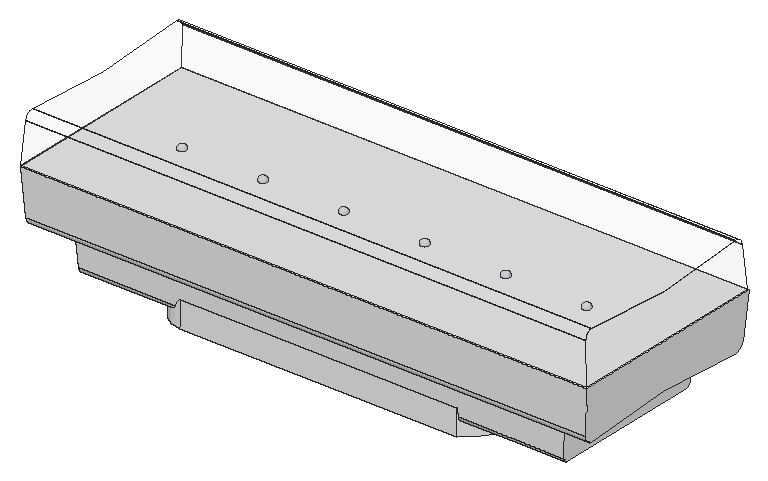
Revit family "SAFE 82 LED EMERGENCY LIGHT Y8251WKH", category Lighting Fixtures, host Face, Revit 2015
Parameters
  Width = 350 mm  # constant formula
  Product Code = "Y8251WKH"  # constant formula
  Model = "SAFE 82"  # constant formula
  Material = Plastic
  Manufacturer = "Teknoware Oy"  # constant formula
  Height = 95 mm  # constant formula
  Depth = 125 mm  # constant formula
  Default Elevation = 1219.2 mm
  Color = RAL9003
Reference planes
  plane 1 "Center (Front/Back)": y = 0
  plane 2 "Bottom": z = 0
  plane 3 "Center (Left/Right)": x = 0
  plane 4 "Left": x = -175
  plane 5 "Right": x = 175
  plane 6 "Back": y = 62.5
  plane 7 "Front": y = -62.5
  plane 8 "Top": z = 95
  plane 9 "Center (Elevation)": z = 47.5
  plane 10: z = 64.777
Dimensions and locks
  equal spacing: plane 4 "Left", plane 3 "Center (Left/Right)", plane 5 "Right"
  equal spacing: plane 6 "Back", plane 1 "Center (Front/Back)", plane 7 "Front"
  "Width": plane 4 "Left" to plane 5 "Right"
  "Depth": plane 6 "Back" to plane 7 "Front"
  equal spacing: plane 8 "Top", plane 9 "Center (Elevation)", plane 2 "Bottom"
  "Height": plane 8 "Top" to plane 2 "Bottom"
  locked: plane 8 "Top" to plane 10 at 30.223
  aligned and locked: plane 2 "Bottom" to host face
  aligned and locked: level to host face
  aligned and locked: plane 3 "Center (Left/Right)" to nested 1
  aligned and locked: plane 1 "Center (Front/Back)" to nested 1
  aligned and locked: plane 8 "Top" to nested 1
  aligned and locked: plane 3 "Center (Left/Right)" to nested 2
  aligned and locked: plane 1 "Center (Front/Back)" to nested 2
  aligned and locked: nested 6 to plane 10
  aligned and locked: nested 8 to plane 10
  aligned and locked: nested 3 to plane 10
  aligned and locked: nested 4 to plane 10
  aligned and locked: nested 7 to plane 10
  aligned and locked: nested 5 to plane 10
Automatic sketch dimensions
  host sketch curve to host sketch curve = 2438.4 mm  (x2)
Nested families
  nested 1: "SAFE 82 kupu" at (425, 237.5, 0), type "SAFE 82 kupu"
  nested 2: "SAFE 82 runko" at (425, 237.5, 0), type "SAFE 82 runko"
  nested 3: "LED" at (-25, 0, -1335.223), type "LED"
    with Up yes, Down no
  nested 4: "LED" at (25, 0, -1335.223), type "LED"
    with Up yes, Down no
  nested 5: "LED" at (125, 0, -1335.223), type "LED"
    with Up yes, Down no
  nested 6: "LED" at (-125, 0, -1335.223), type "LED"
    with Up yes, Down no
  nested 7: "LED" at (75, 0, -1335.223), type "LED"
    with Up yes, Down no
  nested 8: "LED" at (-75, 0, -1335.223), type "LED"
    with Up yes, Down no
Definition of nested family "SAFE 82 kupu"
  Parameters (values of type "SAFE 82 kupu")
    Width = 350 mm  # constant formula
    Depth = 125 mm  # constant formula
    Height = 95 mm  # constant formula
    Default Elevation = 1219.2 mm
    Color = none
    Body Material = none
  Reference planes
    plane 1 "Center (Front/Back)": y = -237.5
    plane 2 "Bottom": z = 0
    plane 3 "Center (Left/Right)": x = -425
    plane 4 "Left": x = -600
    plane 5 "Right": x = -250
    plane 6 "Front": y = -300
    plane 7 "Back": y = -175
    plane 8 "Top": z = 95
    plane 9 "Center (Elevation)": z = 47.5
  Forms (mm)
    Extrusion 1, solid, material <- "Body Material"
      sketch origin (0, -237.5, 0) x (1, 0, 0) y (0, 0, 1)
        loop
          line (-600, 64.777) -> (-250, 64.777) -> (-252.113, 95) -> (-597.887, 95) -> (-600, 64.777)
      from -62.5 to 62.5
    Extrusion 2, void
      sketch origin (-425, 0, 0) x (0, 1, 0) y (0, 0, 1)
        loop
          line (-175, 61.027) -> (-170, 61.027) -> (-170, 114.777) -> (-305, 114.777) -> (-305, 61.027) -> (-300, 61.027) -> (-298, 89.63)
          arc (-298, 89.63) -> (-296.422, 92.938) -> (-293.012, 94.282) r 5
          arc (-293.012, 94.282) -> (-237.5, 90.477) -> (-181.988, 94.282) r 406.845
          arc (-181.988, 94.282) -> (-178.578, 92.938) -> (-177, 89.63) r 5
          line (-177, 89.63) -> (-175, 61.027)
      from -175 to 175
  Cuts and joins
    Extrusion 2 cuts Extrusion 1
  Dimensions and locks
    equal spacing: plane 4 "Left", plane 3 "Center (Left/Right)", plane 5 "Right"
    equal spacing: plane 7 "Back", plane 1 "Center (Front/Back)", plane 6 "Front"
    equal spacing: plane 8 "Top", plane 9 "Center (Elevation)", plane 2 "Bottom"
    "Height": plane 8 "Top" to plane 2 "Bottom"
    "Width": plane 4 "Left" to plane 5 "Right"
    "Depth": plane 7 "Back" to plane 6 "Front"
    aligned and locked: level to plane 2 "Bottom"
  Automatic sketch dimensions
    Extrusion 1 sketch curve to plane 4 "Left" = 0 mm
    Extrusion 1 sketch curve to plane 5 "Right" = 0 mm
    plane 4 "Left" to Extrusion 1 sketch curve = 2.113 mm
    Extrusion 1 sketch curve to plane 5 "Right" = 2.113 mm
    plane 9 "Center (Elevation)" to Extrusion 1 sketch curve = 17.277 mm
    plane 8 "Top" to Extrusion 1 sketch curve = 0 mm
    Extrusion 2 sketch curve to plane 6 "Front" = 0 mm
    Extrusion 2 sketch curve to plane 1 "Center (Front/Back)" = 0 mm
    Extrusion 2 sketch curve to plane 7 "Back" = 0 mm
    Extrusion 2 sketch curve to plane 6 "Front" = 5 mm
    plane 6 "Front" to Extrusion 2 sketch curve = 2 mm
    Extrusion 2 sketch curve to plane 8 "Top" = 5.718 mm  (x2)
    Extrusion 2 sketch curve to Extrusion 2 sketch curve = 4.988 mm  (x2)
    Extrusion 2 sketch curve to plane 7 "Back" = 6.988 mm
    Extrusion 2 sketch curve to plane 8 "Top" = 5.37 mm
    plane 7 "Back" to Extrusion 2 sketch curve = 5 mm
    plane 9 "Center (Elevation)" to Extrusion 2 sketch curve = 13.527 mm  (x2)
    plane 8 "Top" to Extrusion 2 sketch curve = 19.777 mm
    Extrusion 2 sketch curve to Extrusion 2 sketch curve = 382.544 mm
Definition of nested family "SAFE 82 runko"
  Parameters (values of type "SAFE 82 runko")
    Width = 350 mm  # constant formula
    Depth = 125 mm  # constant formula
    Height = 95 mm  # constant formula
    Default Elevation = 1219.2 mm
    Color = none
    Body Material = none
  Reference planes
    plane 1 "Center (Front/Back)": y = -237.5
    plane 2 "Bottom": z = 0
    plane 3 "Center (Left/Right)": x = -425
    plane 4 "Left": x = -600
    plane 5 "Right": x = -250
    plane 6 "Front": y = -300
    plane 7 "Back": y = -175
    plane 8 "Top": z = 95
    plane 9 "Center (Elevation)": z = 47.5
  Forms (mm)
    Extrusion 1, solid, material <- "Body Material"
      sketch origin (0, -237.5, 0) x (1, 0, 0) y (0, 0, 1)
        loop
          line (-600, 64.777) -> (-597.675, 31.523) -> (-252.325, 31.523) -> (-250, 64.777) -> (-600, 64.777)
      from -62.5 to 62.5
    Extrusion 2, void
      sketch origin (-425, 0, 0) x (0, 1, 0) y (0, 0, 1)
        loop
          line (-175, 64.777) -> (-177, 36.174)
          arc (-177, 36.174) -> (-178.578, 32.866) -> (-181.988, 31.523) r 5
          arc (-181.988, 31.523) -> (-237.5, 35.328) -> (-293.012, 31.523) r 406.845
          arc (-293.012, 31.523) -> (-296.422, 32.866) -> (-298, 36.174) r 5
          line (-298, 36.174) -> (-300, 64.777) -> (-305, 64.777) -> (-305, 14.777) -> (-170, 14.777) -> (-170, 64.777) -> (-175, 64.777)
      from -175 to 175
    Extrusion 3, solid, material <- "Body Material"
      sketch origin (0, -237.5, 0) x (1, 0, 0) y (0, 0, 1)
        loop
          line (-577.453, 47.5) -> (-574.71, 8.271) -> (-275.29, 8.271) -> (-272.547, 47.5) -> (-577.453, 47.5)
      from -62.5 to 62.5
    Extrusion 4, void
      sketch origin (-425, 0, 0) x (0, 1, 0) y (0, 0, 1)
        loop
          arc (-187.531, 32.248) -> (-237.5, 35.328) -> (-287.469, 32.248) r 406.845
          line (-287.469, 32.248) -> (-285.987, 11.062)
          arc (-285.987, 11.062) -> (-285.041, 9.077) -> (-282.995, 8.271) r 3
          line (-282.995, 8.271) -> (-192.005, 8.271)
          arc (-192.005, 8.271) -> (-189.959, 9.077) -> (-189.013, 11.062) r 3
          line (-189.013, 11.062) -> (-187.531, 32.248)
        loop
          line (-165, 64.777) -> (-310, 64.777) -> (-310, -18.211) -> (-165, -18.211) -> (-165, 64.777)
      from -175 to 175
    Extrusion 5, solid, material <- "Body Material"
      sketch origin (0, 0, 0) x (1, 0, 0) y (0, 1, 0)
        loop
          arc (-528.08, -270.34) -> (-523.393, -281.654) -> (-512.08, -286.34) r 16
          line (-512.08, -286.34) -> (-341.203, -286.34)
          arc (-341.203, -286.34) -> (-318.643, -241.25) -> (-341.203, -196.16) r 56.342
          line (-341.203, -196.16) -> (-513.08, -196.16)
          arc (-513.08, -196.16) -> (-523.686, -200.553) -> (-528.08, -211.16) r 15
          line (-528.08, -211.16) -> (-528.08, -270.34)
      from 0 to 31.523
  Cuts and joins
    Extrusion 2 cuts Extrusion 1
    Extrusion 4 cuts Extrusion 3
    joined: Extrusion 1, Extrusion 3, Extrusion 5
  Dimensions and locks
    equal spacing: plane 4 "Left", plane 3 "Center (Left/Right)", plane 5 "Right"
    equal spacing: plane 7 "Back", plane 1 "Center (Front/Back)", plane 6 "Front"
    equal spacing: plane 8 "Top", plane 9 "Center (Elevation)", plane 2 "Bottom"
    "Height": plane 8 "Top" to plane 2 "Bottom"
    "Width": plane 4 "Left" to plane 5 "Right"
    "Depth": plane 7 "Back" to plane 6 "Front"
    aligned and locked: level to plane 2 "Bottom"
  Automatic sketch dimensions
    Extrusion 1 sketch curve to plane 4 "Left" = 0 mm
    Extrusion 1 sketch curve to plane 5 "Right" = 0 mm
    plane 4 "Left" to Extrusion 1 sketch curve = 2.325 mm
    Extrusion 1 sketch curve to plane 5 "Right" = 2.325 mm
    Extrusion 1 sketch curve to plane 9 "Center (Elevation)" = 15.977 mm
    plane 9 "Center (Elevation)" to Extrusion 1 sketch curve = 17.277 mm
    Extrusion 2 sketch curve to plane 6 "Front" = 0 mm
    Extrusion 2 sketch curve to plane 1 "Center (Front/Back)" = 0 mm
    Extrusion 2 sketch curve to plane 7 "Back" = 0 mm
    Extrusion 2 sketch curve to plane 6 "Front" = 5 mm
    plane 6 "Front" to Extrusion 2 sketch curve = 2 mm
    Extrusion 2 sketch curve to Extrusion 2 sketch curve = 4.988 mm
    Extrusion 2 sketch curve to plane 7 "Back" = 6.988 mm
    Extrusion 2 sketch curve to plane 7 "Back" = 2 mm
    plane 7 "Back" to Extrusion 2 sketch curve = 5 mm
    Extrusion 2 sketch curve to level = 371.517 mm
    level to Extrusion 2 sketch curve = 14.777 mm
    Extrusion 2 sketch curve to plane 9 "Center (Elevation)" = 11.326 mm  (x2)
    Extrusion 2 sketch curve to Extrusion 2 sketch curve = 0.349 mm
    plane 9 "Center (Elevation)" to Extrusion 2 sketch curve = 17.277 mm  (x2)
    plane 4 "Left" to Extrusion 3 sketch curve = 22.547 mm
    Extrusion 3 sketch curve to Extrusion 3 sketch curve = 2.743 mm
    level to Extrusion 3 sketch curve = 8.271 mm
    Extrusion 3 sketch curve to plane 5 "Right" = 25.29 mm
    Extrusion 3 sketch curve to plane 5 "Right" = 22.547 mm
    Extrusion 3 sketch curve to plane 9 "Center (Elevation)" = 0 mm
    Extrusion 4 sketch curve to plane 1 "Center (Front/Back)" = 0 mm
    level to Extrusion 4 sketch curve = 11.271 mm
    plane 6 "Front" to Extrusion 4 sketch curve = 17.005 mm
    Extrusion 4 sketch curve to Extrusion 4 sketch curve = 2.993 mm  (x2)
    Extrusion 4 sketch curve to plane 6 "Front" = 10 mm
    Extrusion 4 sketch curve to plane 7 "Back" = 17.005 mm
    plane 7 "Back" to Extrusion 4 sketch curve = 10 mm
    Extrusion 4 sketch curve to Extrusion 4 sketch curve = 0.209 mm
    Extrusion 4 sketch curve to level = 18.211 mm
    Extrusion 4 sketch curve to Extrusion 4 sketch curve = 353.305 mm
    Extrusion 4 sketch curve to Extrusion 4 sketch curve = 2.791 mm
    plane 9 "Center (Elevation)" to Extrusion 4 sketch curve = 17.277 mm
    plane 6 "Front" to Extrusion 4 sketch curve = 12.531 mm
    Extrusion 4 sketch curve to plane 7 "Back" = 12.531 mm
    Extrusion 4 sketch curve to plane 9 "Center (Elevation)" = 15.252 mm
    plane 4 "Left" to Extrusion 5 sketch curve = 71.92 mm
    Extrusion 5 sketch curve to Extrusion 5 sketch curve = 15 mm
    plane 6 "Front" to Extrusion 5 sketch curve = 13.66 mm
    Extrusion 5 sketch curve to Extrusion 5 sketch curve = 16 mm
    plane 1 "Center (Front/Back)" to Extrusion 5 sketch curve = 3.75 mm
    plane 3 "Center (Left/Right)" to Extrusion 5 sketch curve = 50.015 mm
    Extrusion 5 sketch curve to plane 1 "Center (Front/Back)" = 26.34 mm
    Extrusion 5 sketch curve to Extrusion 5 sketch curve = 33.783 mm
Definition of nested family "LED"
  Parameters (values of type "LED")
    Wattage = 1.34642 W
    built-in parameter 1150110 = 1 (stored number, unit not read)
    Up [instance] = yes
    built-in parameter 1114217 = 1 (stored number, unit not read)
    built-in parameter 1150109 = 1 (stored number, unit not read)
    built-in parameter 1150134 = (empty or 0)
    built-in parameter 1150113 = 1 (stored number, unit not read)
    Lumens = 200 lm
    built-in parameter 1150115 = 1 (stored number, unit not read)
    built-in parameter 1150105 = 15.915 (stored number, unit not read)
    Light Source Symbol Size = 609.6 mm
    built-in parameter 1150137 = (empty or 0)
    built-in parameter 1150139 = (empty or 0)
    built-in parameter 1150112 = 1 (stored number, unit not read)
    built-in parameter 1150114 = 1 (stored number, unit not read)
    built-in parameter 1150132 = 2
    built-in parameter 1150102 = (empty or 0)
    built-in parameter 1150138 = (empty or 0)
    built-in parameter 1150107 = 3000 (stored number, unit not read)
    built-in parameter 1150106 = 0.15915 (stored number, unit not read)
    built-in parameter 1150104 = 13.8 (stored number, unit not read)
    Down [instance] = yes
    Dimming Lamp Color Temperature Shift = (empty or 0)
    Color Filter = 16777215
    built-in parameter 1114218 = 1 (stored number, unit not read)
    built-in parameter 1150133 = 10 (stored number, unit not read)
  Reference planes
    plane 1 "Light Source Axis (F/B)": y = 0
    plane 2: z = 0
    plane 3 "Light Source Axis (L/R)": x = 0
    plane 4 "Light Source Elevation": z = 1400
  Forms (mm)
    Revolve 1, solid, visible <- "Up"
      sketch origin (0, 0, 1400) x (0, 1, 0) y (0, 0, 1)
        loop
          line (-2.5, 0) -> (-1.5, 0)
          arc (-1.5, 0) -> (0, 1.5) -> (1.5, 0) r 1.5
          line (1.5, 0) -> (2.5, 0)
          arc (2.5, 0) -> (0, 2.5) -> (-2.5, 0) r 2.5
        axis (2.5, 0) -> (-2.5, 0)
      angle from -90 to 90
    Revolve 2, solid, visible <- "Down"
      sketch origin (0, 0, 1400) x (0, 1, 0) y (0, 0, 1)
        loop
          arc (-2.5, 0) -> (0, -2.5) -> (2.5, 0) r 2.5
          line (2.5, 0) -> (1.5, 0)
          arc (1.5, 0) -> (0, -1.5) -> (-1.5, 0) r 1.5
          line (-1.5, 0) -> (-2.5, 0)
        axis (2.5, 0) -> (-2.5, 0)
      angle from -90 to 90
  Dimensions and locks
    aligned and locked: plane 3 "Light Source Axis (L/R)" to imposter light
    aligned and locked: plane 1 "Light Source Axis (F/B)" to imposter light
    aligned and locked: plane 4 "Light Source Elevation" to imposter light
    aligned and locked: plane 2 to level
